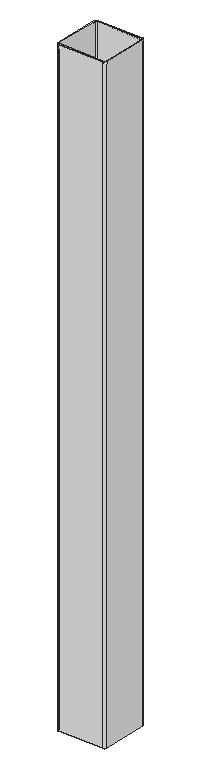
Revit family "CVQ-Corte vazado quadrado-Coluna", category Pilares estruturais, Revit 2019
Family settings
  Forma do corte = Não definido
  Material para o comportamento do modelo = Aço
  Exportar sempre como geometria = Não
  Redução da viga na planta = Da caixa de vinculação
  Número OmniClass = 23.25.30.11.14.11
  Título OmniClass = Columns
  ID de item do Seek = SHS-Square Hollow Section-Column-0000-CAN-ENU
  Corte com vazios quando carregada = Não
  Representação simbólica = Das configurações de projeto
  Compartilhado = Não
  Exibir o pré-corte da família na vista da planta = Sim
Parameters (values of type "200x200x5SHS")
  W = 0
  Structural Material [instance] = Aço, 45-345
  Ix = 0
  M = 30.4
  Zx = 0
  b = 200 mm
  h = 200 mm
  tr = 2 * t  # 10 mm
  t = 5 mm
  A = 38.70 m²
Reference planes
  plane 1 "Centro (Frente/Trás)": y = 0
  plane 2: z = 0
  plane 3 "Centro (Esquerda/Direita)": x = 0
  plane 4: x = -100
  plane 5: x = 100
  plane 6: y = 100
  plane 7: y = -100
  plane 8: x = -90
  plane 9: y = -90
  plane 10: y = 90
  plane 11: x = 90
Forms (mm)
  Extrusion 1, solid, material "Aço, 45-345" <- "Structural Material", detail levels medium
    sketch origin (0, 0, 0) x (1, 0, 0) y (0, 1, 0)
      loop
        line (-100, 100) -> (-100, -100) -> (100, -100) -> (100, 100) -> (-100, 100)
      loop
        line (-95, 95) -> (-95, -95) -> (95, -95) -> (95, 95) -> (-95, 95)
    from 0 to 2500
  Extrusion 2, solid, material "Aço, 45-345" <- "Structural Material", detail levels fine
    sketch origin (0, 0, 0) x (1, 0, 0) y (0, 1, 0)
      loop
        arc (-90, 100) -> (-97.071, 97.071) -> (-100, 90) r 10
        line (-100, 90) -> (-100, -90)
        arc (-100, -90) -> (-97.071, -97.071) -> (-90, -100) r 10
        line (-90, -100) -> (90, -100)
        arc (90, -100) -> (97.071, -97.071) -> (100, -90) r 10
        line (100, -90) -> (100, 90)
        arc (100, 90) -> (97.071, 97.071) -> (90, 100) r 10
        line (90, 100) -> (-90, 100)
      loop
        arc (-90, 95) -> (-93.536, 93.536) -> (-95, 90) r 5
        line (-95, 90) -> (-95, -90)
        arc (-95, -90) -> (-93.536, -93.536) -> (-90, -95) r 5
        line (-90, -95) -> (90, -95)
        arc (90, -95) -> (93.536, -93.536) -> (95, -90) r 5
        line (95, -90) -> (95, 90)
        arc (95, 90) -> (93.536, 93.536) -> (90, 95) r 5
        line (90, 95) -> (-90, 95)
    from 0 to 2500
Lines and regions (mm)
  symbolic lines, style "StructuralColumnStickSymbols", detail levels coarse
    curve 1: line (-100, 100, 0) -> (100, 100, 0)
    curve 2: line (-100, -100, 0) -> (100, -100, 0)
    curve 5: line (-100, 100, 0) -> (-100, -100, 0)
    curve 6: line (100, 100, 0) -> (100, -100, 0)
  symbolic lines, style "Faces ocultas", detail levels medium+fine
    curve 3: line (-95, 0, 0) -> (-95, 0, 2500)
    curve 4: line (95, 0, 2500) -> (95, 0, 0)
Dimensions and locks
  equal spacing: plane 4, plane 3 "Centro (Esquerda/Direita)", plane 5
  equal spacing: plane 7, plane 1 "Centro (Frente/Trás)", plane 6
  "h": plane 7 to plane 6
  "b": plane 4 to plane 5
  "t": Extrusion 1 sketch curve to plane 5
  "t": plane 4 to Extrusion 1 sketch curve
  "t": Extrusion 1 sketch curve to plane 6
  "t": Extrusion 1 sketch curve to plane 7
  "t": Extrusion 2 sketch curve to plane 6
  "t": Extrusion 2 sketch curve to plane 5
  "t": plane 4 to Extrusion 2 sketch curve
  "t": Extrusion 2 sketch curve to plane 7
  "tr": plane 10 to plane 6
  "tr": plane 7 to plane 9
  "tr": plane 11 to plane 5
  "tr": plane 4 to plane 8
  aligned and locked: plane 6 to Extrusion 1 sketch curve
  aligned and locked: Extrusion 1 sketch curve to plane 7
  aligned and locked: Extrusion 1 sketch curve to plane 4
  aligned and locked: plane 5 to Extrusion 1 sketch curve
  aligned and locked: level to Extrusion 1
  aligned and locked: level to plane 2
  aligned and locked: Extrusion 1 to plane 2
  aligned and locked: curve 1 to Extrusion 2 sketch curve
  aligned and locked: Extrusion 2 sketch curve to Extrusion 1
  aligned and locked: level to Extrusion 2
  aligned and locked: curve 4 to Extrusion 2
  aligned and locked: curve 3 to Extrusion 2
Automatic sketch dimensions
  Extrusion 2 sketch curve to plane 8 = 0 mm  (x4)
  Extrusion 2 sketch curve to plane 7 = 0 mm
  Extrusion 2 sketch curve to plane 11 = 0 mm
  Extrusion 2 sketch curve to plane 10 = 0 mm  (x2)
  Extrusion 2 sketch curve to plane 9 = 0 mm  (x2)
  curve 3 to level = 0 mm  (x2)
  curve 4 to level = 0 mm  (x2)
  curve 5 to plane 4 = 0 mm
  curve 2 to plane 5 = 0 mm
  curve 5 to plane 7 = 0 mm
  curve 5 to plane 6 = 0 mm
Types in the file's own list only (122): name | Ix | M | Zx | b | h | tr | t | A
  40x40x2.5SHS | 8.54 | 2.89 | 4.27 | 40 mm | 40 mm | 5 mm | 3 mm | 0.00 m²
  40x40x3SHS | 9.78 | 3.41 | 4.89 | 40 mm | 40 mm | 6 mm | 3 mm | 0.00 m²
  40x40x3.2SHS | 10.2 | 3.61 | 5.11 | 40 mm | 40 mm | 6 mm | 3 mm | 0.00 m²
  40x40x3.6SHS | 11.1 | 4.01 | 5.54 | 40 mm | 40 mm | 7 mm | 4 mm | 0.00 m²
  40x40x4SHS | 11.8 | 4.39 | 5.91 | 40 mm | 40 mm | 8 mm | 4 mm | 0.00 m²
  40x40x5SHS | 13.4 | 5.28 | 6.68 | 40 mm | 40 mm | 10 mm | 5 mm | 0.00 m²
  50x50x2.5SHS | 17.5 | 3.68 | 6.99 | 50 mm | 50 mm | 5 mm | 3 mm | 0.00 m²
  50x50x3SHS | 20.2 | 4.35 | 8.08 | 50 mm | 50 mm | 6 mm | 3 mm | 0.00 m²
  50x50x3.2SHS | 21.2 | 4.62 | 8.49 | 50 mm | 50 mm | 6 mm | 3 mm | 0.00 m²
  50x50x3.6SHS | 23.2 | 5.14 | 9.27 | 50 mm | 50 mm | 7 mm | 4 mm | 0.00 m²
  50x50x4SHS | 25 | 5.64 | 9.99 | 50 mm | 50 mm | 8 mm | 4 mm | 0.00 m²
  50x50x5SHS | 28.9 | 6.85 | 11.6 | 50 mm | 50 mm | 10 mm | 5 mm | 0.00 m²
  50x50x6SHS | 32 | 7.99 | 12.8 | 50 mm | 50 mm | 12 mm | 6 mm | 0.00 m²
  50x50x6.3SHS | 32.8 | 8.31 | 13.1 | 50 mm | 50 mm | 13 mm | 6 mm | 0.00 m²
  60x60x3SHS | 36.2 | 5.29 | 12.1 | 60 mm | 60 mm | 6 mm | 3 mm | 0.00 m²
  60x60x3.2SHS | 38.2 | 5.62 | 12.7 | 60 mm | 60 mm | 6 mm | 3 mm | 0.00 m²
  60x60x3.6SHS | 41.9 | 6.27 | 14 | 60 mm | 60 mm | 7 mm | 4 mm | 0.00 m²
  60x60x4SHS | 45.4 | 6.9 | 15.1 | 60 mm | 60 mm | 8 mm | 4 mm | 0.00 m²
  60x60x5SHS | 53.3 | 8.42 | 17.8 | 60 mm | 60 mm | 10 mm | 5 mm | 0.00 m²
  60x60x6SHS | 59.9 | 9.87 | 20 | 60 mm | 60 mm | 12 mm | 6 mm | 0.00 m²
  60x60x6.3SHS | 61.6 | 10.3 | 20.5 | 60 mm | 60 mm | 13 mm | 6 mm | 0.00 m²
  60x60x8SHS | 69.7 | 12.5 | 23.2 | 60 mm | 60 mm | 16 mm | 8 mm | 0.00 m²
  70x70x3SHS | 59 | 6.24 | 16.9 | 70 mm | 70 mm | 6 mm | 3 mm | 0.00 m²
  70x70x3.2SHS | 62.3 | 6.63 | 17.8 | 70 mm | 70 mm | 6 mm | 3 mm | 0.00 m²
  70x70x3.6SHS | 68.6 | 7.4 | 19.6 | 70 mm | 70 mm | 7 mm | 4 mm | 0.00 m²
  70x70x4SHS | 74.7 | 8.15 | 21.3 | 70 mm | 70 mm | 8 mm | 4 mm | 0.00 m²
  70x70x5SHS | 88.5 | 9.99 | 25.3 | 70 mm | 70 mm | 10 mm | 5 mm | 0.00 m²
  70x70x6SHS | 101 | 11.8 | 28.7 | 70 mm | 70 mm | 12 mm | 6 mm | 0.00 m²
  70x70x6.3SHS | 104 | 12.3 | 29.7 | 70 mm | 70 mm | 13 mm | 6 mm | 0.00 m²
  70x70x8SHS | 120 | 15 | 34.2 | 70 mm | 70 mm | 16 mm | 8 mm | 0.00 m²
  80x80x3.2SHS | 95 | 7.63 | 23.7 | 80 mm | 80 mm | 6 mm | 3 mm | 0.00 m²
  80x80x3.6SHS | 105 | 8.53 | 26.2 | 80 mm | 80 mm | 7 mm | 4 mm | 0.00 m²
  80x80x4SHS | 114 | 9.41 | 28.6 | 80 mm | 80 mm | 8 mm | 4 mm | 0.00 m²
  80x80x5SHS | 137 | 11.6 | 34.2 | 80 mm | 80 mm | 10 mm | 5 mm | 0.00 m²
  80x80x6SHS | 156 | 13.6 | 39.1 | 80 mm | 80 mm | 12 mm | 6 mm | 0.00 m²
  80x80x6.3SHS | 162 | 14.2 | 40.5 | 80 mm | 80 mm | 13 mm | 6 mm | 0.00 m²
  80x80x8SHS | 189 | 17.5 | 47.3 | 80 mm | 80 mm | 16 mm | 8 mm | 0.00 m²
  90x90x3.6SHS | 152 | 9.66 | 33.8 | 90 mm | 90 mm | 7 mm | 4 mm | 0.00 m²
  90x90x4SHS | 166 | 10.7 | 37 | 90 mm | 90 mm | 8 mm | 4 mm | 0.00 m²
  90x90x5SHS | 200 | 13.1 | 44.4 | 90 mm | 90 mm | 10 mm | 5 mm | 0.00 m²
  90x90x6SHS | 230 | 15.5 | 51.1 | 90 mm | 90 mm | 12 mm | 6 mm | 0.00 m²
  90x90x6.3SHS | 238 | 16.2 | 53 | 90 mm | 90 mm | 13 mm | 6 mm | 0.00 m²
  90x90x8SHS | 281 | 20.1 | 62.6 | 90 mm | 90 mm | 16 mm | 8 mm | 0.00 m²
  100x100x3.6SHS | 212 | 10.8 | 42.3 | 100 mm | 100 mm | 7 mm | 4 mm | 0.00 m²
  100x100x4SHS | 232 | 11.9 | 46.4 | 100 mm | 100 mm | 8 mm | 4 mm | 0.00 m²
  100x100x5SHS | 279 | 14.7 | 55.9 | 100 mm | 100 mm | 10 mm | 5 mm | 0.00 m²
  100x100x6SHS | 323 | 17.4 | 64.6 | 100 mm | 100 mm | 12 mm | 6 mm | 0.00 m²
  100x100x6.3SHS | 336 | 18.2 | 67.1 | 100 mm | 100 mm | 13 mm | 6 mm | 0.00 m²
  100x100x8SHS | 400 | 22.6 | 79.9 | 100 mm | 100 mm | 16 mm | 8 mm | 0.00 m²
  100x100x10SHS | 462 | 27.4 | 92.4 | 100 mm | 100 mm | 20 mm | 10 mm | 0.00 m²
  120x120x4SHS | 410 | 14.4 | 68.4 | 120 mm | 120 mm | 8 mm | 4 mm | 0.00 m²
  120x120x5SHS | 498 | 17.8 | 83 | 120 mm | 120 mm | 10 mm | 5 mm | 0.00 m²
  120x120x6SHS | 579 | 21.2 | 96.6 | 120 mm | 120 mm | 12 mm | 6 mm | 0.00 m²
  120x120x6.3SHS | 603 | 22.2 | 100 | 120 mm | 120 mm | 13 mm | 6 mm | 0.00 m²
  120x120x8SHS | 726 | 27.6 | 121 | 120 mm | 120 mm | 16 mm | 8 mm | 0.00 m²
  120x120x10SHS | 852 | 33.7 | 142 | 120 mm | 120 mm | 20 mm | 10 mm | 0.00 m²
  120x120x12SHS | 958 | 39.5 | 160 | 120 mm | 120 mm | 24 mm | 12 mm | 0.01 m²
  120x120x12.5SHS | 982 | 40.9 | 164 | 120 mm | 120 mm | 25 mm | 13 mm | 0.01 m²
  140x140x5SHS | 807 | 21 | 115 | 140 mm | 140 mm | 10 mm | 5 mm | 0.00 m²
  140x140x6SHS | 944 | 24.9 | 135 | 140 mm | 140 mm | 12 mm | 6 mm | 0.00 m²
  140x140x6.3SHS | 984 | 26.1 | 141 | 140 mm | 140 mm | 13 mm | 6 mm | 0.00 m²
  140x140x8SHS | 1195 | 32.6 | 171 | 140 mm | 140 mm | 16 mm | 8 mm | 0.00 m²
  140x140x10SHS | 1416 | 40 | 202 | 140 mm | 140 mm | 20 mm | 10 mm | 0.01 m²
  140x140x12SHS | 1609 | 47 | 230 | 140 mm | 140 mm | 24 mm | 12 mm | 0.01 m²
  140x140x12.5SHS | 1653 | 48.7 | 236 | 140 mm | 140 mm | 25 mm | 13 mm | 0.01 m²
  150x150x5SHS | 1002 | 22.6 | 134 | 150 mm | 150 mm | 10 mm | 5 mm | 0.00 m²
  150x150x6SHS | 1174 | 26.8 | 156 | 150 mm | 150 mm | 12 mm | 6 mm | 0.00 m²
  150x150x6.3SHS | 1223 | 28.1 | 163 | 150 mm | 150 mm | 13 mm | 6 mm | 0.00 m²
  150x150x8SHS | 1491 | 35.1 | 199 | 150 mm | 150 mm | 16 mm | 8 mm | 0.00 m²
  150x150x10SHS | 1773 | 43.1 | 236 | 150 mm | 150 mm | 20 mm | 10 mm | 0.01 m²
  150x150x12SHS | 2023 | 50.8 | 270 | 150 mm | 150 mm | 24 mm | 12 mm | 0.01 m²
  150x150x12.5SHS | 2080 | 52.7 | 277 | 150 mm | 150 mm | 25 mm | 13 mm | 0.01 m²
  150x150x16SHS | 2430 | 65.2 | 324 | 150 mm | 150 mm | 32 mm | 16 mm | 0.01 m²
  160x160x5SHS | 1225 | 24.1 | 153 | 160 mm | 160 mm | 10 mm | 5 mm | 0.00 m²
  160x160x6SHS | 1437 | 28.7 | 180 | 160 mm | 160 mm | 12 mm | 6 mm | 0.00 m²
  160x160x6.3SHS | 1499 | 30.1 | 187 | 160 mm | 160 mm | 13 mm | 6 mm | 0.00 m²
  160x160x8SHS | 1831 | 37.6 | 229 | 160 mm | 160 mm | 16 mm | 8 mm | 0.00 m²
  160x160x10SHS | 2186 | 46.3 | 273 | 160 mm | 160 mm | 20 mm | 10 mm | 0.01 m²
  160x160x12SHS | 2502 | 54.6 | 313 | 160 mm | 160 mm | 24 mm | 12 mm | 0.01 m²
  160x160x12.5SHS | 2576 | 56.6 | 322 | 160 mm | 160 mm | 25 mm | 13 mm | 0.01 m²
  160x160x16SHS | 3028 | 70.2 | 379 | 160 mm | 160 mm | 32 mm | 16 mm | 0.01 m²
  180x180x5SHS | 1765 | 27.3 | 196 | 180 mm | 180 mm | 10 mm | 5 mm | 0.00 m²
  180x180x6SHS | 2077 | 32.5 | 231 | 180 mm | 180 mm | 12 mm | 6 mm | 0.00 m²
  180x180x6.3SHS | 2168 | 34 | 241 | 180 mm | 180 mm | 13 mm | 6 mm | 0.00 m²
  180x180x8SHS | 2661 | 42.7 | 296 | 180 mm | 180 mm | 16 mm | 8 mm | 0.01 m²
  180x180x10SHS | 3193 | 52.5 | 355 | 180 mm | 180 mm | 20 mm | 10 mm | 0.01 m²
  180x180x12SHS | 3677 | 62.1 | 409 | 180 mm | 180 mm | 24 mm | 12 mm | 0.01 m²
  180x180x12.5SHS | 3790 | 64.4 | 421 | 180 mm | 180 mm | 25 mm | 13 mm | 0.01 m²
  180x180x16SHS | 4504 | 80.2 | 500 | 180 mm | 180 mm | 32 mm | 16 mm | 0.01 m²
  200x200x6SHS | 2883 | 36.2 | 288 | 200 mm | 200 mm | 12 mm | 6 mm | 0.00 m²
  200x200x6.3SHS | 3011 | 38 | 301 | 200 mm | 200 mm | 13 mm | 6 mm | 0.00 m²
  200x200x8SHS | 3709 | 47.7 | 371 | 200 mm | 200 mm | 16 mm | 8 mm | 0.01 m²
  200x200x10SHS | 4471 | 58.8 | 447 | 200 mm | 200 mm | 20 mm | 10 mm | 0.01 m²
  200x200x12SHS | 5171 | 69.6 | 517 | 200 mm | 200 mm | 24 mm | 12 mm | 0.01 m²
  200x200x12.5SHS | 5336 | 72.3 | 534 | 200 mm | 200 mm | 25 mm | 13 mm | 0.01 m²
  200x200x16SHS | 6394 | 90.3 | 639 | 200 mm | 200 mm | 32 mm | 16 mm | 0.01 m²
  250x250x5SHS | 4861 | 38.3 | 389 | 250 mm | 250 mm | 10 mm | 5 mm | 0.00 m²
  250x250x6SHS | 5752 | 45.7 | 460 | 250 mm | 250 mm | 12 mm | 6 mm | 0.01 m²
  250x250x6.3SHS | 6014 | 47.9 | 481 | 250 mm | 250 mm | 13 mm | 6 mm | 0.01 m²
  250x250x8SHS | 7455 | 60.3 | 596 | 250 mm | 250 mm | 16 mm | 8 mm | 0.01 m²
  250x250x10SHS | 9055 | 74.5 | 724 | 250 mm | 250 mm | 20 mm | 10 mm | 0.01 m²
  250x250x12SHS | 10560 | 88.5 | 844 | 250 mm | 250 mm | 24 mm | 12 mm | 0.01 m²
  250x250x12.5SHS | 10920 | 91.9 | 873 | 250 mm | 250 mm | 25 mm | 13 mm | 0.01 m²
  250x250x16SHS | 13270 | 115 | 1061 | 250 mm | 250 mm | 32 mm | 16 mm | 0.01 m²
  300x300x6SHS | 10080 | 55.1 | 672 | 300 mm | 300 mm | 12 mm | 6 mm | 0.01 m²
  300x300x6.3SHS | 10550 | 57.8 | 703 | 300 mm | 300 mm | 13 mm | 6 mm | 0.01 m²
  300x300x8SHS | 13130 | 72.8 | 875 | 300 mm | 300 mm | 16 mm | 8 mm | 0.01 m²
  300x300x10SHS | 16030 | 90.2 | 1068 | 300 mm | 300 mm | 20 mm | 10 mm | 0.01 m²
  300x300x12SHS | 18780 | 107 | 1252 | 300 mm | 300 mm | 24 mm | 12 mm | 0.01 m²
  300x300x12.5SHS | 19440 | 112 | 1296 | 300 mm | 300 mm | 25 mm | 13 mm | 0.01 m²
  300x300x16SHS | 23850 | 141 | 1590 | 300 mm | 300 mm | 32 mm | 16 mm | 0.02 m²
  350x350x8SHS | 21130 | 85.4 | 1207 | 350 mm | 350 mm | 16 mm | 8 mm | 0.01 m²
  350x350x10SHS | 25880 | 106 | 1479 | 350 mm | 350 mm | 20 mm | 10 mm | 0.01 m²
  350x350x12SHS | 30430 | 126 | 1739 | 350 mm | 350 mm | 24 mm | 12 mm | 0.02 m²
  350x350x12.5SHS | 31540 | 131 | 1802 | 350 mm | 350 mm | 25 mm | 13 mm | 0.02 m²
  350x350x16SHS | 38940 | 166 | 2225 | 350 mm | 350 mm | 32 mm | 16 mm | 0.02 m²
  400x400x8SHS | 31860 | 97.9 | 1593 | 400 mm | 400 mm | 16 mm | 8 mm | 0.01 m²
  400x400x10SHS | 39130 | 122 | 1956 | 400 mm | 400 mm | 20 mm | 10 mm | 0.02 m²
  400x400x12SHS | 46130 | 145 | 2306 | 400 mm | 400 mm | 24 mm | 12 mm | 0.02 m²
  400x400x12.5SHS | 47840 | 151 | 2392 | 400 mm | 400 mm | 25 mm | 13 mm | 0.02 m²
  400x400x16SHS | 59340 | 191 | 2967 | 400 mm | 400 mm | 32 mm | 16 mm | 0.02 m²
  400x400x20SHS | 71530 | 235 | 3577 | 400 mm | 400 mm | 40 mm | 20 mm | 0.03 m²
